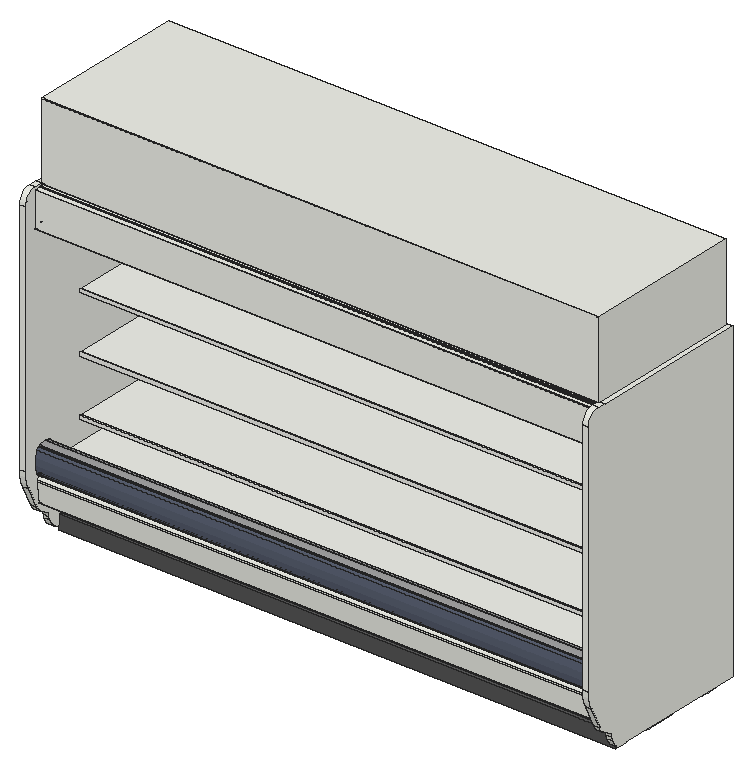
Revit family "IDF5SM_2014", category Specialty Equipment, Revit 2014 (continued)
Definition of nested family "Floor Support-Side Skid-IDF6SM"
  Automatic sketch dimensions
    Extrusion 1 sketch curve to Extrusion 1 sketch curve = 0.0041"
    Extrusion 1 sketch curve to Extrusion 1 sketch curve = 0.00416"
    Extrusion 1 sketch curve to Extrusion 1 sketch curve = 0.0025"
    Extrusion 1 sketch curve to Extrusion 1 sketch curve = 0.00422"
    Extrusion 1 sketch curve to Extrusion 1 sketch curve = 0.05424"
    Extrusion 1 sketch curve to Extrusion 1 sketch curve = 0.13105"
    plane 1 "Back" to Extrusion 1 sketch curve = 0.39181"
    plane 1 "Back" to Extrusion 1 sketch curve = 0.17397"
    plane 1 "Back" to Extrusion 1 sketch curve = 0.08379"
    plane 1 "Back" to Extrusion 1 sketch curve = 0.04153"
    Extrusion 1 sketch curve to level = 21.91896"
    level to Extrusion 1 sketch curve = 0.24594"
    Extrusion 1 sketch curve to Extrusion 1 sketch curve = 0.18482"
    Extrusion 1 sketch curve to Extrusion 1 sketch curve = 0.30804"
    Extrusion 1 sketch curve to Extrusion 1 sketch curve = 2.98161"
    Extrusion 1 sketch curve to Extrusion 1 sketch curve = 0.23503"
    Extrusion 1 sketch curve to Extrusion 1 sketch curve = 0.23814"
    Extrusion 1 sketch curve to Extrusion 1 sketch curve = 0.14324"
    Extrusion 1 sketch curve to Extrusion 1 sketch curve = 0.23845"
    Extrusion 1 sketch curve to Extrusion 1 sketch curve = 0.00323"
    Extrusion 1 sketch curve to Extrusion 1 sketch curve = 2.24556"
    Extrusion 1 sketch curve to Extrusion 1 sketch curve = 0.21406"
    Extrusion 1 sketch curve to plane 5 "Top" = 0.19021"
    plane 6 "Front" to Extrusion 1 sketch curve = 5.5327"
    Extrusion 1 sketch curve to Extrusion 1 sketch curve = 0"  (x5)
    level to Extrusion 1 sketch curve = 0.06111"  (x4)
    Extrusion 1 sketch curve to Extrusion 1 sketch curve = 0.18168"
    Extrusion 1 sketch curve to Extrusion 1 sketch curve = 0.0879"  (x2)
    Extrusion 1 sketch curve to level = 0"  (x2)
    level to Extrusion 1 sketch curve = 0.14746"
    Extrusion 1 sketch curve to Extrusion 1 sketch curve = 0.4222"
    Extrusion 1 sketch curve to Extrusion 1 sketch curve = 0.43948"
    Extrusion 1 sketch curve to Extrusion 1 sketch curve = 1.72063"
    Extrusion 1 sketch curve to Extrusion 1 sketch curve = 0.4829"
    Extrusion 1 sketch curve to Extrusion 1 sketch curve = 1.49014"
    Extrusion 1 sketch curve to Extrusion 1 sketch curve = 0.08705"
    level to Extrusion 1 sketch curve = 4.5133"
    Extrusion 1 sketch curve to Extrusion 1 sketch curve = 0.09706"
    Extrusion 1 sketch curve to Extrusion 1 sketch curve = 0.04636"
    Extrusion 1 sketch curve to Extrusion 1 sketch curve = 0.52985"
    Extrusion 1 sketch curve to Extrusion 1 sketch curve = 0.08507"
    Extrusion 1 sketch curve to Extrusion 1 sketch curve = 0.17912"
    Extrusion 1 sketch curve to Extrusion 1 sketch curve = 75/128"
    Extrusion 1 sketch curve to Extrusion 1 sketch curve = 0.34542"
    Extrusion 1 sketch curve to Extrusion 1 sketch curve = 0.3075"
    Extrusion 2 sketch curve to plane 4 "Center (Left/Right)" = 0"
    Extrusion 2 sketch curve to plane 6 "Front" = 0"  (x2)
    Extrusion 2 sketch curve to plane 3 "Right" = 0"
    plane 1 "Back" to Extrusion 2 sketch curve = 0"
    plane 6 "Front" to Extrusion 2 sketch curve = 0.10402"  (x2)
    plane 4 "Center (Left/Right)" to Extrusion 2 sketch curve = 0.39836"
    Extrusion 2 sketch curve to plane 3 "Right" = 1.86713"
    Extrusion 2 sketch curve to plane 3 "Right" = 1.6307"
    Extrusion 2 sketch curve to Extrusion 2 sketch curve = 0.15604"  (x2)
    Extrusion 2 sketch curve to plane 3 "Right" = 0.36634"
    Extrusion 2 sketch curve to plane 3 "Right" = 0.36615"
    Extrusion 2 sketch curve to plane 3 "Right" = 0.11639"  (x3)
    Extrusion 2 sketch curve to plane 3 "Right" = 0.11081"
    plane 3 "Right" to Extrusion 2 sketch curve = 1.19698"  (x4)
    Extrusion 2 sketch curve to Extrusion 2 sketch curve = 0.49951"  (x6)
    Extrusion 2 sketch curve to Extrusion 2 sketch curve = 3"
    Extrusion 2 sketch curve to Extrusion 2 sketch curve = 4.87073"
    Extrusion 2 sketch curve to Extrusion 2 sketch curve = 0.0521"
    Extrusion 2 sketch curve to Extrusion 2 sketch curve = 5.13442"
    Extrusion 2 sketch curve to Extrusion 2 sketch curve = 0.24975"  (x3)
    Extrusion 2 sketch curve to Extrusion 2 sketch curve = 1.00176"  (x2)
    Extrusion 2 sketch curve to Extrusion 2 sketch curve = 10.06759"
    plane 1 "Back" to Extrusion 2 sketch curve = 0.39645"
    Extrusion 2 sketch curve to Extrusion 2 sketch curve = 0.2504"
    Extrusion 2 sketch curve to Extrusion 2 sketch curve = 0.00091"
    Extrusion 2 sketch curve to plane 3 "Right" = 0.11584"
    Extrusion 2 sketch curve to plane 3 "Right" = 0.11571"  (x3)
    plane 3 "Right" to Extrusion 2 sketch curve = 0.06154"
    plane 3 "Right" to Extrusion 2 sketch curve = 0.06162"  (x3)
    plane 3 "Right" to Extrusion 2 sketch curve = 0.84094"  (x2)
    Extrusion 2 sketch curve to Extrusion 2 sketch curve = 0"  (x2)
    Extrusion 2 sketch curve to Extrusion 2 sketch curve = 0.50088"
    Extrusion 2 sketch curve to Extrusion 2 sketch curve = 0.00137"  (x3)
    Extrusion 2 sketch curve to Extrusion 2 sketch curve = 0.25044"
    Extrusion 2 sketch curve to Extrusion 2 sketch curve = 0.00004"
Definition of nested family "Floor Support-Skid-IDF6SM"
  Parameters (values of type "Floor Support-Skid")
    Width = 8 69/128"
    URL = "www.hussmann.com"
    Type Comments = ""
    Revit Family Date = "11/19/2015"  # constant formula
    Model = ""
    Manufacturer = "Hussmann Corporation"
    Height = 10.26407"
    Floor Support = none
    Description = ""
    Depth = 34.97755"
    Assembly Code = ""
    Accessories/Options = ""
  Reference planes (in)
    plane 1 "Back": y = 4.85255
    plane 2 "Bottom": z = 0
    plane 3 "Left": x = -2.24449
    plane 4 "Right": x = 6.29458
    plane 5 "Center (Left/Right)": x = 2.02504
    plane 6 "Top": z = 10.07234
    plane 7 "Front": y = -30.125
  Forms (in)
    Extrusion 1, solid
      sketch origin (-2.24449, 0, 0) x (0, 1, 0) y (0, 0, 1)
        loop
          line (-29.99841, 1.51325) -> (-29.99841, 0.40391) -> (-22.01151, 0.40391) -> (-22.01151, 0.55967) -> (-21.84692, 0.55967)
          arc (-21.84692, 0.55967) -> (-21.73722, 0.46488) -> (-21.59632, 0.43076) r 0.30804
          line (-21.59632, 0.43076) -> (-21.32927, 0.43076)
          arc (-21.32927, 0.43076) -> (-21.23686, 0.406) -> (-21.16921, 0.33835) r 0.18482
          arc (-21.16921, 0.33835) -> (-21.05646, 0.2256) -> (-20.90244, 0.18433) r 0.30804
          line (-20.90244, 0.18433) -> (-20.57152, 0.18433) -> (-20.40779, 0.18433) -> (-20.22611, 0.18433)
          arc (-20.22611, 0.18433) -> (-20.17845, 0.17474) -> (-20.13821, 0.14746) r 0.12321
          arc (-20.13821, 0.14746) -> (-19.97725, 0.03836) -> (-19.78663, 0) r 0.49286
          arc (-19.78663, 0) -> (-19.596, 0.03836) -> (-19.43504, 0.14746) r 0.49286
          arc (-19.43504, 0.14746) -> (-19.3948, 0.17474) -> (-19.34715, 0.18433) r 0.12321
          line (-19.34715, 0.18433) -> (-18.76121, 0.18433) -> (-12.86253, 0.18433)
          arc (-12.86253, 0.18433) -> (-12.74465, 0.20778) -> (-12.64471, 0.27455) r 0.30804
          line (-12.64471, 0.27455) -> (-12.53222, 0.38704)
          arc (-12.53222, 0.38704) -> (-12.49099, 0.41774) -> (-12.44268, 0.43531) r 0.17728
          arc (-12.44268, 0.43531) -> (-7.83188, 0.90587) -> (-3.22109, 0.43531) r 22.82483
          arc (-3.22109, 0.43531) -> (-3.17278, 0.41774) -> (-3.13155, 0.38704) r 0.17728
          line (-3.13155, 0.38704) -> (-3.01905, 0.27455)
          arc (-3.01905, 0.27455) -> (-2.91912, 0.20778) -> (-2.80124, 0.18433) r 0.30804
          line (-2.80124, 0.18433) -> (-1.90407, 0.18433) -> (-1.74033, 0.18433) -> (-1.31813, 0.18433)
          arc (-1.31813, 0.18433) -> (-1.27048, 0.17474) -> (-1.23024, 0.14746) r 0.12321
          arc (-1.23024, 0.14746) -> (-1.06928, 0.03836) -> (-0.87865, 0) r 0.49286
          arc (-0.87865, 0) -> (-0.68803, 0.03836) -> (-0.52707, 0.14746) r 0.49286
          arc (-0.52707, 0.14746) -> (-0.48683, 0.17474) -> (-0.43918, 0.18433) r 0.12321
          line (-0.43918, 0.18433) -> (-0.09376, 0.18433) -> (1.50087, 0.18433)
          arc (1.50087, 0.18433) -> (1.71643, 0.27252) -> (1.80836, 0.4865) r 0.30754
          line (1.80836, 0.4865) -> (1.87685, 3.46811) -> (1.88095, 3.70314) -> (1.88511, 3.94128) -> (1.88761, 4.08452) -> (1.89183, 4.32621)
          arc (1.89183, 4.32621) -> (1.90653, 4.39537) -> (1.94607, 4.454) r 0.18531
          line (1.94607, 4.454) -> (4.67857, 6.56853)
          arc (4.67857, 6.56853) -> (4.74461, 6.66674) -> (4.76875, 6.78259) r 0.30804
          line (4.76875, 6.78259) -> (4.81102, 10.26255) -> (-4.13836, 5.83681) -> (-24.5923, 5.83681) -> (-22.38877, 4.66023)
          arc (-22.38877, 4.66023) -> (-22.32161, 4.59907) -> (-22.29171, 4.5133) r 0.18482
          line (-22.29171, 4.5133) -> (-22.24535, 3.98345) -> (-22.16028, 3.17009) -> (-22.87167, 3.17009) -> (-29.99841, 1.51325)
      from 0 to 8.53906
    Extrusion 2, void
      sketch origin (0, 0, 0) x (1, 0, 0) y (0, 1, 0)
        loop
          line (5.91838, -3.6377) -> (5.91838, -24.00507)
          arc (5.91838, -24.00507) -> (5.83607, -24.40401) -> (5.60258, -24.73778) r 1.00789
          arc (5.60258, -24.73778) -> (5.12602, -25.04244) -> (4.57053, -25.14904) r 1.50058
          line (4.57053, -25.14904) -> (3.2233, -25.14904) -> (3.2233, -30.01976) -> (3.06726, -30.01976) -> (3.06726, -30.125) -> (6.29458, -30.125) -> (6.29458, 4.45609) -> (5.91838, -3.6377)
        loop
          line (-1.86829, -3.6377) -> (-2.24449, 4.45609) -> (-2.24449, -30.125) -> (0.98283, -30.125) -> (0.98283, -30.01976) -> (0.82679, -30.01976) -> (0.82679, -25.14904) -> (-0.52044, -25.14904)
          arc (-0.52044, -25.14904) -> (-1.07593, -25.04244) -> (-1.55249, -24.73778) r 1.50058
          arc (-1.55249, -24.73778) -> (-1.78569, -24.40388) -> (-1.86829, -24.00507) r 1.01143
          line (-1.86829, -24.00507) -> (-1.86829, -3.6377)
      from 0 to 12
  Cuts and joins
    Extrusion 2 cuts Extrusion 1
  Dimensions and locks (in)
    equal spacing: plane 3 "Left", plane 5 "Center (Left/Right)", plane 4 "Right"
    "Width": plane 3 "Left" to plane 4 "Right"
    "Depth": plane 7 "Front" to plane 1 "Back"
    aligned and locked: plane 4 "Right" to Extrusion 1
    aligned and locked: Extrusion 1 to plane 3 "Left"
  Automatic sketch dimensions
    level to Extrusion 1 sketch curve = 1.51325"
    level to Extrusion 1 sketch curve = 3.17009"
    level to Extrusion 1 sketch curve = 0.40391"
    Extrusion 1 sketch curve to Extrusion 1 sketch curve = 0.86016"
    plane 7 "Front" to Extrusion 1 sketch curve = 0.12659"
    Extrusion 1 sketch curve to Extrusion 1 sketch curve = 0.15577"
    Extrusion 1 sketch curve to Extrusion 1 sketch curve = 0.16459"
    Extrusion 1 sketch curve to Extrusion 1 sketch curve = 0.26705"
    level to Extrusion 1 sketch curve = 0.18433"  (x2)
    Extrusion 1 sketch curve to Extrusion 1 sketch curve = 0.42683"
    Extrusion 1 sketch curve to Extrusion 1 sketch curve = 0.33092"
    Extrusion 1 sketch curve to Extrusion 1 sketch curve = 0.16374"  (x2)
    level to Extrusion 1 sketch curve = 0.49236"
    Extrusion 1 sketch curve to Extrusion 1 sketch curve = 5.89869"
    level to Extrusion 1 sketch curve = 0.27455"  (x2)
    level to Extrusion 1 sketch curve = 0.38704"  (x2)
    Extrusion 1 sketch curve to Extrusion 1 sketch curve = 0.11249"  (x2)
    Extrusion 1 sketch curve to Extrusion 1 sketch curve = 0.12536"  (x3)
    plane 1 "Back" to Extrusion 1 sketch curve = 12.68443"
    plane 6 "Top" to Extrusion 1 sketch curve = 4.23554"
    plane 1 "Back" to Extrusion 1 sketch curve = 8.99091"
    level to Extrusion 1 sketch curve = 0.26169"
    Extrusion 1 sketch curve to Extrusion 1 sketch curve = 0.88146"
    Extrusion 1 sketch curve to Extrusion 1 sketch curve = 0.21781"  (x2)
    Extrusion 1 sketch curve to Extrusion 1 sketch curve = 0.89717"
    level to Extrusion 1 sketch curve = 0.49187"
    Extrusion 1 sketch curve to Extrusion 1 sketch curve = 1.59462"
    level to Extrusion 1 sketch curve = 0.4865"
    plane 1 "Back" to Extrusion 1 sketch curve = 2.9757"
    Extrusion 1 sketch curve to Extrusion 1 sketch curve = 0.0041"
    Extrusion 1 sketch curve to Extrusion 1 sketch curve = 0.00416"
    Extrusion 1 sketch curve to Extrusion 1 sketch curve = 0.0025"
    Extrusion 1 sketch curve to Extrusion 1 sketch curve = 0.00422"
    Extrusion 1 sketch curve to Extrusion 1 sketch curve = 0.05424"
    Extrusion 1 sketch curve to Extrusion 1 sketch curve = 0.13105"
    plane 1 "Back" to Extrusion 1 sketch curve = 0.39181"
    plane 1 "Back" to Extrusion 1 sketch curve = 0.17397"
    plane 1 "Back" to Extrusion 1 sketch curve = 0.08379"
    plane 1 "Back" to Extrusion 1 sketch curve = 0.04153"
    Extrusion 1 sketch curve to level = 21.91896"
    level to Extrusion 1 sketch curve = 0.24594"
    Extrusion 1 sketch curve to Extrusion 1 sketch curve = 0.18482"
    Extrusion 1 sketch curve to Extrusion 1 sketch curve = 0.30804"
    Extrusion 1 sketch curve to Extrusion 1 sketch curve = 2.98161"
    Extrusion 1 sketch curve to Extrusion 1 sketch curve = 0.23503"
    Extrusion 1 sketch curve to Extrusion 1 sketch curve = 0.23814"
    Extrusion 1 sketch curve to Extrusion 1 sketch curve = 0.14324"
    Extrusion 1 sketch curve to Extrusion 1 sketch curve = 0.23845"
    Extrusion 1 sketch curve to Extrusion 1 sketch curve = 0.00323"
    Extrusion 1 sketch curve to Extrusion 1 sketch curve = 2.24556"
    Extrusion 1 sketch curve to Extrusion 1 sketch curve = 0.21406"
    Extrusion 1 sketch curve to plane 6 "Top" = 0.19021"
    plane 7 "Front" to Extrusion 1 sketch curve = 5.5327"
    Extrusion 1 sketch curve to Extrusion 1 sketch curve = 0"  (x5)
    level to Extrusion 1 sketch curve = 0.06111"  (x4)
    Extrusion 1 sketch curve to Extrusion 1 sketch curve = 0.18168"
    Extrusion 1 sketch curve to Extrusion 1 sketch curve = 0.0879"  (x2)
    Extrusion 1 sketch curve to level = 0"  (x2)
    level to Extrusion 1 sketch curve = 0.14746"
    Extrusion 1 sketch curve to Extrusion 1 sketch curve = 0.4222"
    Extrusion 1 sketch curve to Extrusion 1 sketch curve = 0.43948"
    Extrusion 1 sketch curve to Extrusion 1 sketch curve = 1.72063"
    Extrusion 1 sketch curve to Extrusion 1 sketch curve = 0.4829"
    Extrusion 1 sketch curve to Extrusion 1 sketch curve = 1.49014"
    Extrusion 1 sketch curve to Extrusion 1 sketch curve = 0.08705"
    level to Extrusion 1 sketch curve = 4.5133"
    Extrusion 1 sketch curve to Extrusion 1 sketch curve = 0.09706"
    Extrusion 1 sketch curve to Extrusion 1 sketch curve = 0.04636"
    Extrusion 1 sketch curve to Extrusion 1 sketch curve = 0.52985"
    Extrusion 1 sketch curve to Extrusion 1 sketch curve = 0.08507"
    Extrusion 1 sketch curve to Extrusion 1 sketch curve = 0.17912"
    Extrusion 1 sketch curve to Extrusion 1 sketch curve = 75/128"
    Extrusion 1 sketch curve to Extrusion 1 sketch curve = 0.34542"
    Extrusion 1 sketch curve to Extrusion 1 sketch curve = 0.3075"
    Extrusion 2 sketch curve to plane 3 "Left" = 0"
    Extrusion 2 sketch curve to plane 7 "Front" = 0"  (x2)
    Extrusion 2 sketch curve to plane 4 "Right" = 0"
    plane 3 "Left" to Extrusion 2 sketch curve = 0.37619"
    Extrusion 2 sketch curve to Extrusion 2 sketch curve = 1.01143"
    Extrusion 2 sketch curve to Extrusion 2 sketch curve = 0.33642"
    Extrusion 2 sketch curve to plane 5 "Center (Left/Right)" = 1.19826"
    Extrusion 2 sketch curve to Extrusion 2 sketch curve = 0.15604"  (x2)
    plane 7 "Front" to Extrusion 2 sketch curve = 0.10524"
    plane 5 "Center (Left/Right)" to Extrusion 2 sketch curve = 1.04221"
    Extrusion 2 sketch curve to Extrusion 2 sketch curve = 0.33996"
    Extrusion 2 sketch curve to plane 4 "Right" = 0.37619"
    Extrusion 2 sketch curve to Extrusion 2 sketch curve = 0.10524"
    plane 7 "Front" to Extrusion 2 sketch curve = 4.97596"
    Extrusion 2 sketch curve to Extrusion 2 sketch curve = 0"  (x2)
    Extrusion 2 sketch curve to Extrusion 2 sketch curve = 1.14396"  (x2)
    Extrusion 2 sketch curve to Extrusion 2 sketch curve = 0.00152"
    Extrusion 2 sketch curve to Extrusion 2 sketch curve = 0.35662"
    Extrusion 2 sketch curve to Extrusion 2 sketch curve = 0.35509"
    plane 1 "Back" to Extrusion 2 sketch curve = 8.49024"
    plane 1 "Back" to Extrusion 2 sketch curve = 0.39645"  (x2)
    Extrusion 2 sketch curve to plane 4 "Right" = 0.692"
Definition of nested family "Shelf"
  Parameters (values of type "Shelf")
    Width = 24"
    URL = "www.hussmann.com"
    Type Comments = "Shelf"
    Shelves = Sheet Metal (Steel Painted) - 700 Interior White
    Model = ""
    Manufacturer = "Hussmann Corporation"
    Height = 5"
    Description = ""
    Depth = 20"
    Assembly Code = ""
    Accessories/Options = ""
  Reference planes (in)
    plane 1 "Back": y = 0
    plane 2 "Bottom": z = 0
    plane 3 "Left": x = -77.30699
    plane 4 "Right": x = -53.30699
    plane 5 "Front": y = -20
    plane 6 "Center (Left/Right)": x = -65.30699
    plane 7: z = 5
  Forms (in)
    Extrusion 1, solid, material "Sheet Metal (Steel Painted) - 700 Interior White" <- "Shelves"
      sketch origin (-77.30699, 7.75, -64.26162) x (0, 1, 0) y (0, 0, 1)
        loop
          line (-7.75, 64.26162) -> (-7.75, 68.01162) -> (-8.5, 68.01162) -> (-8.5, 69.01162) -> (-27.5, 69.01162) -> (-27.5, 69.26162) -> (-27.75, 69.26162) -> (-27.75, 68.26162) -> (-27.5, 68.26162) -> (-27.5, 68.76162) -> (-26, 68.76162) -> (-26, 68.51162) -> (-13.81963, 68.51162) -> (-7.75, 64.26162)
      from 0 to 24
  Dimensions and locks (in)
    "Width": plane 4 "Right" to plane 3 "Left"
    equal spacing: plane 4 "Right", plane 6 "Center (Left/Right)", plane 3 "Left"
    "Depth": plane 1 "Back" to plane 5 "Front"
    "Height": level to plane 7
    aligned and locked: Extrusion 1 to plane 3 "Left"
    aligned and locked: plane 4 "Right" to Extrusion 1
  Automatic sketch dimensions
    Extrusion 1 sketch curve to plane 5 "Front" = 0"
    Extrusion 1 sketch curve to plane 1 "Back" = 0"
    plane 5 "Front" to Extrusion 1 sketch curve = 1/4"  (x2)
    Extrusion 1 sketch curve to Extrusion 1 sketch curve = 1 1/2"
    plane 1 "Back" to Extrusion 1 sketch curve = 6.06963"
    plane 1 "Back" to Extrusion 1 sketch curve = 3/4"
    Extrusion 1 sketch curve to Extrusion 1 sketch curve = 3 3/4"
    Extrusion 1 sketch curve to Extrusion 1 sketch curve = 1/2"  (x2)
    Extrusion 1 sketch curve to Extrusion 1 sketch curve = 1"
    Extrusion 1 sketch curve to Extrusion 1 sketch curve = 1/4"
    Extrusion 1 sketch curve to Extrusion 1 sketch curve = 3/4"
    Extrusion 1 sketch curve to level = 0"
Definition of nested family "Light"
  Parameters (values of type "Light")
    Wattage = 16.1571 W
    built-in parameter 1150110 = 1 (stored number, unit not read)
    built-in parameter 1114217 = 1 (stored number, unit not read)
    built-in parameter 1150109 = 1 (stored number, unit not read)
    built-in parameter 1150134 = (empty or 0)
    built-in parameter 1150113 = 1 (stored number, unit not read)
    Lumens = 2400 lm
    built-in parameter 1150115 = 1 (stored number, unit not read)
    built-in parameter 1150105 = 763.94 (stored number, unit not read)
    Light Source Symbol Size = 24"
    built-in parameter 1150137 = (empty or 0)
    built-in parameter 1150139 = (empty or 0)
    Lense = none
    Length = 144"
    built-in parameter 1150112 = 1 (stored number, unit not read)
    built-in parameter 1150114 = 1 (stored number, unit not read)
    built-in parameter 1150132 = 2
    built-in parameter 1150102 = (empty or 0)
    built-in parameter 1150138 = (empty or 0)
    built-in parameter 1150107 = 6100 (stored number, unit not read)
    built-in parameter 1150106 = 7.6394 (stored number, unit not read)
    Emit from Line Length = Length  # 144"
    built-in parameter 1150104 = 13.8 (stored number, unit not read)
    Dimming Lamp Color Temperature Shift = (empty or 0)
    Color Filter = 16777215
    Casing = none
    built-in parameter 1114218 = 1 (stored number, unit not read)
    built-in parameter 1150133 = 10 (stored number, unit not read)
  Reference planes (in)
    plane 1 "Light Source Axis (F/B)": y = -8.60801
    plane 2: z = 0
    plane 3 "Light Source Axis (L/R)": x = 0
    plane 4 "Light Source Elevation": z = 52.5
    plane 5: z = 0
    plane 6 "Left": x = -72
    plane 7 "Right": x = 72
  Lines and regions (in)
    model lines
      curve 1: line (-72, -8.60801, 52.5) -> (72, -8.60801, 52.5)
  Dimensions and locks (in)
    equal spacing: plane 7 "Right", plane 3 "Light Source Axis (L/R)", plane 6 "Left"
    "Length": plane 7 "Right" to plane 6 "Left"
    aligned and locked: plane 3 "Light Source Axis (L/R)" to imposter light
    aligned and locked: plane 1 "Light Source Axis (F/B)" to imposter light
    aligned and locked: plane 4 "Light Source Elevation" to imposter light
    aligned and locked: level to plane 5
  Automatic sketch dimensions
    plane 1 "Light Source Axis (F/B)" to curve 1 = 0"
    curve 1 to plane 6 "Left" = 0"
    curve 1 to plane 7 "Right" = 0"
Types (4): name | Width | Total Weight | Number of Supports | Case Weight | 8 Case | 6 Case | 4 Case | 12 Case
  12'-0" Length | 144 3/8" | 1350.00 lbf | 4 | 1190.00 lbf | no | no | no | yes
  8'-0" Length | 96 1/4" | 1240.00 lbf | 3 | 1080.00 lbf | yes | no | no | no
  6'-0" Length | 72 1/4" | 1090.00 lbf | 3 | 930.00 lbf | no | yes | no | no
  4'-0" Length | 48 1/8" | 160.00 lbf | 2 | 0.00 lbf | no | no | yes | no
